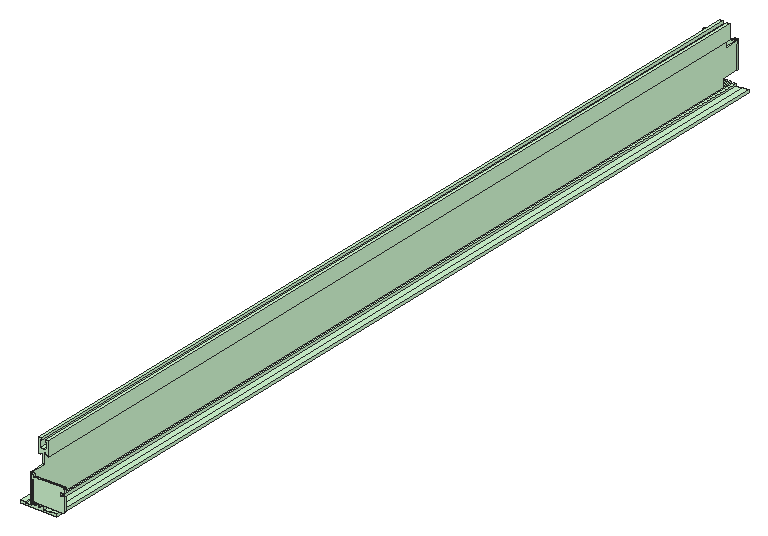
Revit family "et4025_cross_600", category 機械設備, Revit 2022
Family settings
  丸型コネクタ寸法 = 直径を使用
  種別 = なし
  パーツ タイプ = 標準
  作業面ベース = いいえ
  常に垂直 = はい
  ロード時にボイドで切り取り = いいえ
  注釈の向きを維持 = いいえ
  共有 = いいえ
  部屋計算ポイント = いいえ
Parameters
  製造元 = "株式会社桐井製作所"
  既定の高さ = 0 mm
  URL = "https://www.kirii.co.jp/"
  K_長さ(mm) = 600 mm
  K_材質 = "溶融亜鉛めっき鋼板及び鋼帯SGCC 一般用　カラー鋼板"
  K_品名 = "eTバー4025クロス(600グリッド用)"
  K_名称 = "Tバー"
  K_入数 = "25"
  K_バージョン情報 = "20220915"
  K_めっき付着量 = "JIS G 3302 Z12、カラー鋼板　塗装膜厚20μ(白色)"
  K_JIS規格 = "JIS G 3302"
Reference planes
  plane 1 "中心(正面/背面)": y = 0
  plane 2: z = 0
  plane 3 "中心(左/右)": x = 0
  plane 4: y = 600
Forms (mm)
  Extrusion 1, solid
    sketch origin (0, -1320, 7.1) x (-1, 0, 0) y (0, 0, 1)
      loop
        line (0.65, 26.456) -> (2.4, 24.9) -> (3.5, 24.9) -> (3.5, 34.9) -> (1.403, 34.9) -> (1.403, 33.4) -> (2.203, 33.4) -> (2.141, 29.141) -> (1.059, 28.059) -> (-0.917, 28) -> (-2.141, 29.141) -> (-2.203, 33.4) -> (-1.403, 33.4) -> (-1.403, 34.9) -> (-3.5, 34.9) -> (-3.5, 24.9) -> (-2.4, 24.9) -> (-0.65, 26.456) -> (-0.65, -5.1) -> (-2.488, -5.1) -> (-2.488, -4.3) -> (-3.5, -4.3) -> (-3.5, -5.9) -> (-8.5, -5.9) -> (-8.5, -5.1) -> (-12.5, -5.1) -> (-12.5, -7.1) -> (12.5, -7.1) -> (12.5, -5.1) -> (8.5, -5.1) -> (8.5, -5.9) -> (3.5, -5.9) -> (3.5, -4.3) -> (2.488, -4.3) -> (2.488, -5.1) -> (0.65, -5.1) -> (0.65, 26.456)
    from 1320 to 1920
  Extrusion 2, void
    sketch origin (0, 0, 0) x (0, 1, 0) y (0, 0, 1)
      loop
        line (5, 41.941) -> (0, 41.941) -> (0, 25.9) -> (5, 25.9) -> (5, 41.941)
    from -3.77 to 3.77
  Extrusion 3, solid
    sketch origin (-0.114, 0, 16.166) x (1, 0, 0) y (0, 1, 0)
      loop
        line (24.214, -7.2) -> (24.214, -5.9) -> (1.464, -5.9)
        arc (1.464, -5.9) -> (0.969, -5.695) -> (0.764, -5.2) r 0.7
        line (0.764, -5.2) -> (0.764, 0) -> (-0.536, 0) -> (-0.536, -5.2)
        arc (-0.536, -5.2) -> (0.05, -6.614) -> (1.464, -7.2) r 2
        line (1.464, -7.2) -> (24.214, -7.2)
    from -8.334 to 9.734
  Extrusion 4, void
    sketch origin (0, 0, -7.234) x (1, 0, 0) y (0, 0, 1)
      loop
        line (2.6, 31.999) -> (23.1, 31.999)
        arc (23.1, 31.999) -> (23.807, 31.706) -> (24.1, 30.999) r 1
        line (24.1, 30.999) -> (24.1, 33.134) -> (2.6, 33.134) -> (2.6, 31.999)
    from 5.9 to 7.2
  Extrusion 5, void
    sketch origin (0, 0, -7.234) x (1, 0, 0) y (0, 0, 1)
      loop
        line (24.1, 26.599) -> (24.1, 28.599) -> (21.1, 28.599) -> (21.1, 26.599) -> (24.1, 26.599)
    from 5.9 to 7.2
  Extrusion 6, void
    sketch origin (0, 0, 0) x (0, 1, 0) y (0, 0, 1)
      loop
        line (6.9, 7.833) -> (0, 7.833) -> (0, 2.8) -> (6.9, 2.8) -> (6.9, 7.833)
    from -0.65 to 0.65
  Extrusion 7, void
    sketch origin (0, -13.6, -8.031) x (1, 0, 0) y (0, 0, -1)
      loop
        line (22.1, -16.931) -> (2.6, -16.931) -> (2.6, -15.864) -> (24.1, -15.864) -> (24.1, -17.999)
        arc (24.1, -17.999) -> (23.231, -17.237) -> (22.1, -16.999) r 2.28
    from 6.4 to 7.7
  Extrusion 8, void
    sketch origin (0, 600, 0) x (0, -1, 0) y (0, 0, -1)
      loop
        line (5, -41.941) -> (5, -25.737) -> (0, -25.737) -> (0, -41.941) -> (5, -41.941)
    from -3.77 to 3.77
  Extrusion 9, void
    sketch origin (0, 600, 0) x (0, -1, 0) y (0, 0, -1)
      loop
        line (6.9, -7.833) -> (6.9, -2.8) -> (0, -2.8) -> (0, -7.833) -> (6.9, -7.833)
    from -0.65 to 0.65
  Extrusion 10, solid
    sketch origin (0.114, 600, 16.166) x (-1, 0, 0) y (0, -1, 0)
      loop
        line (24.214, -7.2) -> (24.214, -5.9) -> (1.464, -5.9)
        arc (1.464, -5.9) -> (0.969, -5.695) -> (0.764, -5.2) r 0.7
        line (0.764, -5.2) -> (0.764, 0) -> (-0.536, 0) -> (-0.536, -5.2)
        arc (-0.536, -5.2) -> (0.05, -6.614) -> (1.464, -7.2) r 2
        line (1.464, -7.2) -> (24.214, -7.2)
    from -8.334 to 9.571
  Extrusion 11, void
    sketch origin (0, 600, -7.234) x (-1, 0, 0) y (0, 0, 1)
      loop
        line (24.1, 26.599) -> (24.1, 28.599) -> (21.1, 28.599) -> (21.1, 26.599) -> (24.1, 26.599)
    from 5.9 to 7.2
  Extrusion 12, void
    sketch origin (0, 600, -8.099) x (-1, 0, 0) y (0, 0, 1)
      loop
        line (24.1, 15.931) -> (24.1, 17.999)
        arc (24.1, 17.999) -> (23.231, 17.237) -> (22.1, 16.999) r 2.28
        line (22.1, 16.999) -> (2.6, 16.999) -> (2.6, 15.931) -> (24.1, 15.931)
    from 5.9 to 7.2
  Extrusion 13, void
    sketch origin (0, 613.6, -7.396) x (-1, 0, 0) y (0, 0, -1)
      loop
        line (2.6, -31.999) -> (2.6, -33.134) -> (24.1, -33.134) -> (24.1, -30.999)
        arc (24.1, -30.999) -> (23.807, -31.706) -> (23.1, -31.999) r 1
        line (23.1, -31.999) -> (2.6, -31.999)
    from 6.4 to 7.7
Cuts and joins
  Extrusion 2, Extrusion 6, Extrusion 7, Extrusion 8, Extrusion 9 cuts Extrusion 1
  Extrusion 4, Extrusion 5, Extrusion 7 cuts Extrusion 3
  Extrusion 11, Extrusion 12, Extrusion 13 cuts Extrusion 10
  joined: Extrusion 1, Extrusion 3, Extrusion 10
Dimensions and locks
  plane 4 to plane 1 "中心(正面/背面)" = 600 mm
  aligned and locked: level to plane 2
  aligned and locked: plane 4 to Extrusion 1
